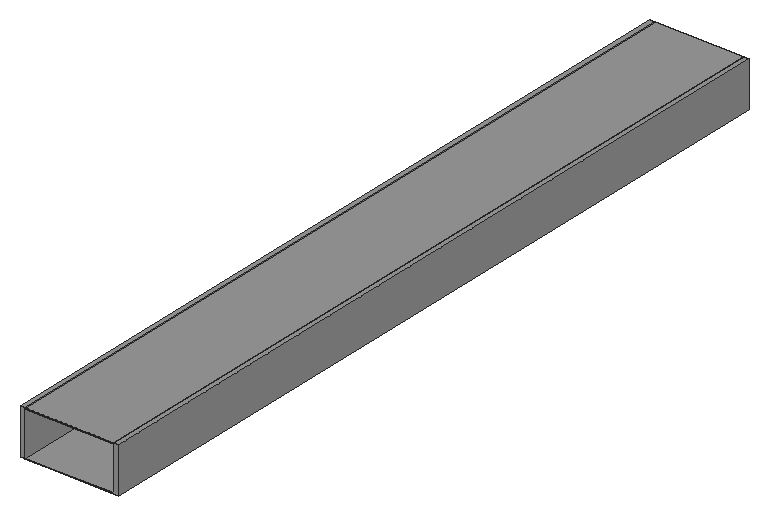
Revit family "OKA-W, Kanaleinheit für GES4, Höhe 100-150mm", category Generic Models, Revit 2015
Parameters (values of type "OKA-W30010050D4")
  Width = 300 mm
  URL = "http://www.obo-bettermann.com"
  Material = Steel, Galvanized
  Manufacturer Art. No. = "7424620"
  Manufacturer = "OBO Bettermann"
  Length [instance] = 2400 mm
  HeightCalc [instance] = if(Height < 100 mm, 100 mm, (if(Height > 150 mm, 150 mm, Height)))  # 140 mm
  Height [instance] = 140 mm
  GTIN = "4012195244714"
  Cut's number = 3
  Article Type = "OKA-W30010050D4"
Types (3, lengths in mm): name | Width | Manufacturer Art. No. | HeightCalc | Height | GTIN | Article Type
  (no name) | 300 | "7424620" | 140 | 140 | "4012195244714" | "OKA-W30010050D4"
  OKA-W30010050D4 | 300 | "7424620" | 140 | 140 | "4012195244714" | "OKA-W30010050D4"
  OKA-W40010050D4 | 400 | "7424622" | 110 | 110 | "4012195244721" | "OKA-W40010050D4"
Reference planes
  plane 1 "Center (Front/Back)": y = 0
  plane 2: z = 0
  plane 3 "Center (Left/Right)": x = 0
  plane 4: z = 140
  plane 5: y = -2400
  plane 6: x = 150
  plane 7: x = -150
Forms (mm)
  Extrusion 1, solid, material "Aluminum 6061"
    sketch origin (0, 0, 0) x (1, 0, 0) y (0, 0, 1)
      loop
        line (135, 140) -> (135, 1) -> (-135, 1) -> (-135, 140) -> (-150, 140) -> (-150, 0) -> (150, 0) -> (150, 140) -> (135, 140)
    from 0 to 2400
  Extrusion 2, solid, material "Steel, Galvanized" <- "Material"
    sketch origin (0, 0, 0) x (1, 0, 0) y (0, 0, 1)
      loop
        line (135, 136) -> (135, 140) -> (-135, 140) -> (-135, 136) -> (135, 136)
    from 0 to 2400
  Extrusion 3, void
    sketch origin (0, 0, 0) x (1, 0, 0) y (0, 1, 0)
      loop
        line (-102.5, -1897.5) -> (-102.5, -2102.5) -> (102.5, -2102.5) -> (102.5, -1897.5) -> (-102.5, -1897.5)
    from 106 to 110
  Extrusion 4, void
    sketch origin (0, 800, 0) x (1, 0, 0) y (0, 1, 0)
      loop
        line (-102.5, -1897.5) -> (-102.5, -2102.5) -> (102.5, -2102.5) -> (102.5, -1897.5) -> (-102.5, -1897.5)
    from 106 to 110
  Extrusion 5, void
    sketch origin (0, 1600, 0) x (1, 0, 0) y (0, 1, 0)
      loop
        line (-102.5, -1897.5) -> (-102.5, -2102.5) -> (102.5, -2102.5) -> (102.5, -1897.5) -> (-102.5, -1897.5)
    from 106 to 110
Cuts and joins
  Extrusion 3 cuts Extrusion 1
  Extrusion 3, Extrusion 4, Extrusion 5 cuts Extrusion 2
Lines and regions (mm)
  model lines
    curve 1: line (-150, 0, 140) -> (-135, 0, 140)
    curve 2: line (-135, 0, 140) -> (-135, 0, 0)
    curve 3: line (-135, 0, 0) -> (-385, 0, 0)
    curve 4: line (-385, 0, 0) -> (-385, 0, 1)
    curve 5: line (-385, 0, 1) -> (-150, 0, 1)
    curve 6: line (-150, 0, 1) -> (-150, 0, 140)
    curve 7: line (135, 0, 140) -> (135, 0, 0)
    curve 8: line (135, 0, 0) -> (385, 0, 0)
    curve 9: line (385, 0, 0) -> (385, 0, 1)
    curve 10: line (385, 0, 1) -> (150, 0, 1)
    curve 11: line (150, 0, 1) -> (150, 0, 140)
    curve 12: line (150, 0, 140) -> (135, 0, 140)
    curve 13: line (135, 0, 140) -> (135, 0, 0)
    curve 14: line (-135, 0, 0) -> (-135, 0, 140)
    curve 15: line (-135, 0, 140) -> (135, 0, 140)
    curve 16: line (-135, 0, 136) -> (135, 0, 136)
Dimensions and locks
  locked: curve 5 to curve 3 at 1
  locked: curve 2 to curve 6 at 15
  locked: curve 10 to curve 8 at 1
  locked: curve 2 to curve 4 at 250
  locked: curve 9 to curve 7 at 250
  locked: curve 11 to curve 7 at 15
  "Length": plane 1 "Center (Front/Back)" to plane 5
  equal spacing: plane 7, plane 3 "Center (Left/Right)", plane 6
  "Width": plane 7 to plane 6
  "HeightCalc": level to plane 4
  locked: curve 16 to curve 15 at 4
  locked: Extrusion 3 sketch curve to Extrusion 3 sketch curve at 205  (x2)
  locked: Extrusion 4 sketch curve to Extrusion 4 sketch curve at 205  (x2)
  equal spacing: group 1, group 2, group 3  (x3)
  locked: Extrusion 5 sketch curve to Extrusion 5 sketch curve at 205  (x2)
  aligned and locked: level to plane 2
  aligned and locked: level to curve 3
  aligned and locked: curve 6 to plane 7
  aligned and locked: curve 11 to plane 6
  aligned and locked: plane 4 to curve 1
  aligned and locked: curve 8 to level
  aligned and locked: Extrusion 1 sketch curve to curve 13
  aligned and locked: Extrusion 1 sketch curve to curve 12
  aligned and locked: Extrusion 1 sketch curve to curve 11
  aligned and locked: Extrusion 1 sketch curve to curve 6
  aligned and locked: curve 14 to Extrusion 1 sketch curve
  aligned and locked: Extrusion 1 sketch curve to curve 1
  aligned and locked: Extrusion 1 to plane 5
  aligned and locked: Extrusion 2 sketch curve to curve 16
  aligned and locked: Extrusion 2 sketch curve to curve 15
  aligned and locked: Extrusion 2 sketch curve to curve 2
  aligned and locked: Extrusion 2 sketch curve to curve 7
  aligned and locked: Extrusion 2 to plane 5
  aligned and locked: curve 5 to Extrusion 1 sketch curve
Automatic sketch dimensions
  Extrusion 1 sketch curve to level = 0 mm
